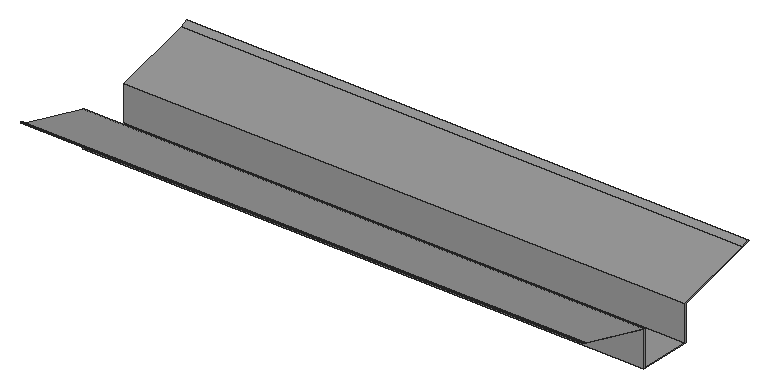
Revit family "Brownbuilt 406 Valley Gutter Family", category Generic Models, Revit 2018
Family settings
  Can host rebar = No
  Round Connector Dimension = Use Diameter
  Part Type = Normal
  Cut with Voids When Loaded = No
  Shared = No
  Room Calculation Point = No
Parameters (values of type "Brownbuilt 406 Valley Gutter")
  Width = 160.00 mm + Standerd Bend  # 175.00 mm
  URL = "www.globalroofs.co.za"
  Telephone = "011 898 2900"  # constant formula
  Standerd Bend = 15.00 mm
  Model = "Brownbuilt 406 Valley Gutter"  # constant formula
  Material Thickness = (0.58 mm)  # 0.58 mm
  Material = ISQ 300, Galvanized Z275
  Manufacturer = "Global Roofing Solutions"  # constant formula
  built-in parameter 1001306 [instance] = 1200.00 mm
  Height = 75.00 mm
  Girth = ""
  Email = "tsd@globalroofs.co.za"  # constant formula
  Disclaimer = "Although care has been taken to ensure, to the best of our\r\nknowledge, that all data and information contained herein\r\nis accurate to the extent that it relates to either matters\r\nof fact or accepted practice at the time of issue. GRS\r\nassumes no responsibility for any errors in, or \r\nmisinterpretation of, such data and/ or information or any\r\nloss or damage arising from, or related to it's use.\r\n"  # constant formula
  Company Address = "Corner Barlow & Quality Road, Isando, Johannesburg, 1600"  # constant formula
  Brownbuilt 406 [instance] = 0 * ([built-in parameter 1001306] / 1000.00 mm)  # 0
  Angle = 75.00°
Types (2, lengths in mm): name | Width | Standerd Bend
  (no name) | 175.087 | 15.087
  Brownbuilt 406 Valley Gutter | 175.00 | 15.00
Reference planes
  plane 1 "Center (Front/Back)": y = 0
  plane 2: z = 0
  plane 3 "Left": x = 0
  plane 4 "Right": x = 1200
Forms (mm)
  Sweep 1, solid, material "ISQ 300, Galvanized Z275" <- "Material"
    path in 3D
      loop
        line (0, 0, 0) -> (1200, 0, 0)
    profile origin (600, 0, 0) x (0, 1, 0) y (0, 0, 1)
      loop
        line (-55, -75) -> (55, -75) -> (55, 0) -> (209.548, 41.411) -> (223.143, 47.75) -> (222.72, 48.657) -> (209.205, 42.354) -> (54, 0.767) -> (54, -74) -> (-54, -74) -> (-54, 0.767) -> (-209.205, 42.354) -> (-222.72, 48.657) -> (-223.143, 47.75) -> (-209.548, 41.411) -> (-55, 0) -> (-55, -75)
Lines and regions (mm)
  reference lines
    curve 1: line (0, 0, 0) -> (1200, 0, 0)
  sketch lines
    curve 2: line (0, 0, 0) -> (1200, 0, 0)
Dimensions and locks
  "built-in parameter 1001306": plane 3 "Left" to plane 4 "Right"
  Sweep 1 sketch curve to Sweep 1 sketch curve = 160.00 mm  (x2)
  "Standerd Bend": Sweep 1 sketch curve to Sweep 1 sketch curve  (x2)
  Sweep 1 sketch curve to Sweep 1 sketch curve = 1.00 mm  (x5)
  "Angle": angle Sweep 1 sketch curve to profile plane to Sweep 1 sketch curve
  angle Sweep 1 sketch curve to Sweep 1 sketch curve = 170.00°  (x2)
  aligned and locked: plane 4 "Right" to curve 1
  aligned and locked: plane 1 "Center (Front/Back)" to curve 1
  aligned and locked: plane 3 "Left" to curve 1
  aligned and locked: level to plane 2
Automatic sketch dimensions
  Sweep 1 sketch curve to profile plane = 0.00 mm  (x2)
  profile plane to Sweep 1 sketch curve = 0.767 mm  (x2)
  profile plane to Sweep 1 sketch curve = 54.00 mm
  Sweep 1 sketch curve to profile plane = 54.00 mm
  Sweep 1 sketch curve to profile plane = 74.00 mm
